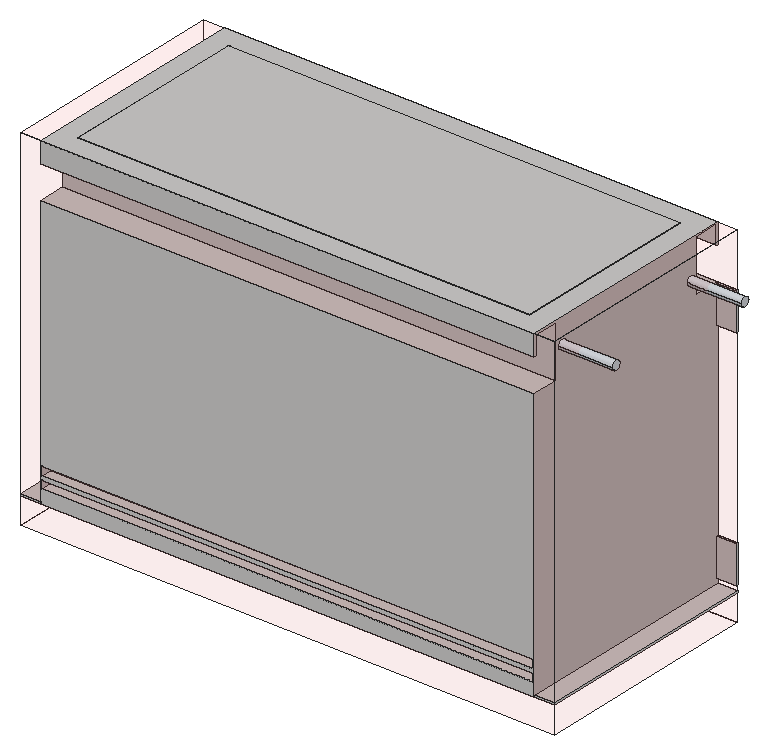
Revit family "Air-Curtain_Industrial_PoweredAire_HotWater", category Mechanical Equipment, host Face, Revit 2016
Family settings
  Host = Face
  Part Type = Normal
  Round Connector Dimension = Use Diameter
  OmniClass Number = 23.75.35.17.21
  OmniClass Title = Air Curtains
  Cut with Voids When Loaded = No
  Shared = No
  Room Calculation Point = No
Parameters
  upperrotation [instance] = if(Upper Pipe Connection Side A, 0.00°, 180.00°)  # 0.00°
  topbracket [instance] = and(Unit Height = 1' 4 3/4", Unit Depth = 1' 11 3/4")  # yes
  lowerrotation [instance] = if(Lower Pipe Connection Side A, 0.00°, 180.00°)  # 0.00°
  locateupperpipe [instance] = if(Upper Pipe Connection Side A, 0' 0", Nozzle Width)  # 0' - 0"
  locatelowerpipe [instance] = if(Lower Pipe Connection Side A, 0' 0", Nozzle Width)  # 0' - 0"
  Warranty Duration (Years) = 0
  Upper Pipe Connection Side A [instance] = yes
  Unit Width Notes = "Other Widths available."  # constant formula
  Unit Width = 3' - 3"
  Unit Weight = 0
  Unit Height = 1' - 4 3/4"
  Unit Depth = 1' - 11 3/4"
  URL = "http://www.poweredaire.com/"
  Test Data = ""
  Standards Conformance = "as Specified"
  Specification = "http://www.arcat.com/sdspecs/htm04/23_34_33pai.htm"
  SpecWizard = ""
  Sound Pressure = "as Specified"
  Sales Information = "http://www.poweredaire.com/contact_us"
  Revision = "R1_2016-08"
  Projection from Host [instance] = 0' - 2"
  Product Properties = ""
  Product Data = "http://www.arcat.com/arcatcos/cos47/arc47623.html"
  Power Rating = 0 W
  Piping_Water Flow [instance] = 0 GPM
  Piping_Operating Pressure [instance] = 0.00 psi
  Piping_Exit Temperature [instance] = 0 °F
  Piping_Entry Temperature [instance] = 0 °F
  Pipe OD [instance] = 5/8"
  Nozzle Width = if(1 = 1, Unit Width - 0' 3", 0' 0")  # 3' - 0"
  Mounting Width = if(1 = 1, Unit Width - 0' 1 1/2", 0' 0")  # 3' - 1 1/2"
  Mounting Height [instance] = 3' - 6"
  Motor RPM = 0
  Motor HP = 0
  Motor Count = 0
  Model = "As Specified"
  Max Height = 0' - 0"
  Manufacturer Website = "http://www.poweredaire.com/"
  Manufacturer Phone - Toll Free = "888-321-2473"
  Manufacturer Phone = "724-588-3305"
  Manufacturer Fax = "724-588-3371"
  Manufacturer Address = "109 Mortensen Rd.  Greenville, PA 16125"
  Manufacturer = "Powered Aire, Inc"
  Maintenance Schedule (Months) = 0
  Lower Pipe Connection Side A [instance] = yes
  Keynote = "23 34 33"
  Installation-Fabrication = ""
  Installation Phase = ""
  Include Clearance [instance] = yes
  Heating Element Load = 0 W
  HVAC_Temperature Rise = 0 °F
  HVAC_Outlet Volume = 0 CFM
  HVAC_Outlet Velocity Uniformity = 0
  HVAC_Outlet Velocity = 0 FPM
  HVAC_BTU Input = 0.0 Btu/h
  Green Building-LEED = "http://www.arcat.com/green/clients/leed_data_47623.html"
  Front Grating Material [instance] = Metal - Steel - PoweredAire - Stainless 304 Perforated
  Frame Finish [instance] = Metal - Steel - PoweredAire - Stainless 304
  Expected Lifespan (Years) = 0
  Electrical_Wattage [instance] = Power Rating + Heating Element Load  # 0 W
  Electrical_Voltage [instance] = 0 V
  Electrical_Phase [instance] = 1
  Electrical_Frequency [instance] = 0 Hz
  Electrical_Amperage [instance] = 0 A
  Drawn By = "Sumex Design, Inc. / Robert S. Weygant, CSI, CDT, SCIP"
  Description = "Powered Aire Air Curtain as Specified"
  Default Elevation = 0' - 0"  # constant formula
  Copyright = "©Arcat Inc."
  Construction Details = "http://www.arcat.com/details/powair/prod3336.html"
  Clearance_Top [instance] = 0' - 0"
  Clearance_Side B [instance] = 0' - 0"
  Clearance_Side A [instance] = 0' - 0"
  Clearance_Intake [instance] = 0' - 0"
  Clearance_Bottom [instance] = 0' - 0"
  Clearance Material [instance] = ARCAT Clearance
  Building Codes = ""
  Available Options [instance] = "as Specified"
  Assembly Code = "D3090400"
Reference planes (in)
  plane 1 "Center (Elevation)": y = 0.13818
  plane 2: z = 0
  plane 3 "Center (Left/Right)": x = 0
  plane 4: y = 8.51318
  plane 5: y = -8.23682
  plane 6: x = -19.5
  plane 7: x = 19.5
  plane 8: z = 25.75
  plane 9 "FF": y = -41.86182
  plane 10: z = 2
  plane 11: x = 18
  plane 12: x = -18
  plane 13: y = 8.51318
  plane 14: y = -8.23682
  plane 15: x = -19.5
  plane 16: x = 19.5
  plane 17: z = 25.75
  plane 18: x = 17.9375
  plane 19: x = -17.9375
  plane 20: x = 18
  plane 21: x = 18
  plane 22: y = 6.01318
  plane 23: y = -5.73682
Forms (in)
  Extrusion 1, solid, material "Metal - Steel - PoweredAire - Stainless 304" <- "Frame Finish"
    sketch origin (0, 0, 0) x (0, 1, 0) y (0, 0, 1)
      loop
        line (-8.23682, 2) -> (8.51318, 2) -> (8.51318, 21.8125) -> (6.51318, 21.8125) -> (6.51318, 25.625) -> (8.38818, 25.625) -> (8.38818, 24.25) -> (8.51318, 24.25) -> (8.51318, 25.75) -> (-8.23682, 25.75) -> (-8.23682, 24.25) -> (-8.11182, 24.25) -> (-8.11182, 25.625) -> (-6.23682, 25.625) -> (-6.23682, 21.8125) -> (-8.23682, 21.8125) -> (-8.23682, 2)
    from -18 to 18
  Extrusion 2, solid, material "ARCAT Clearance" <- "Clearance Material", visible <- "Include Clearance"
    sketch origin (0, 0, 0) x (0, 1, 0) y (0, 0, 1)
      loop
        line (-8.23682, 25.75) -> (-8.23682, 0) -> (8.51318, 0) -> (8.51318, 25.75) -> (-8.23682, 25.75)
    from -19.5 to 19.5
  Extrusion 3, solid, material "Metal - Steel - PoweredAire - Stainless 304" <- "Frame Finish"
    sketch origin (-15.17702, -180, 2) x (-1, 0, 0) y (0, -1, 0)
      loop
        line (-33.17702, -188.51318) -> (-33.17702, -171.76318) -> (-34.67702, -171.76318) -> (-34.67702, -188.51318) -> (-33.17702, -188.51318)
      loop
        line (2.82298, -188.51318) -> (4.32298, -188.51318) -> (4.32298, -171.76318) -> (2.82298, -171.76318) -> (2.82298, -188.51318)
    from 0 to 0.125
  Extrusion 4, solid, material "Metal - Steel - PoweredAire - Stainless 304" <- "Frame Finish", visible <- "topbracket"
    sketch origin (-11.83813, 8.51318, 48) x (-1, 0, 0) y (0, 0, 1)
      loop
        line (-29.83813, -45.5) -> (-29.83813, -42.75) -> (-31.33813, -42.75) -> (-31.33813, -45.5) -> (-29.83813, -45.5)
      loop
        line (-29.83813, -28.9375) -> (-29.83813, -26.1875) -> (-31.33813, -26.1875) -> (-31.33813, -28.9375) -> (-29.83813, -28.9375)
      loop
        line (6.16187, -45.5) -> (7.66187, -45.5) -> (7.66187, -42.75) -> (6.16187, -42.75) -> (6.16187, -45.5)
      loop
        line (6.16187, -28.9375) -> (7.66187, -28.9375) -> (7.66187, -26.1875) -> (6.16187, -26.1875) -> (6.16187, -28.9375)
    from 0 to -0.125
  Extrusion 5, void
    sketch origin (0, 0, 0) x (0, 1, 0) y (0, 0, 1)
      loop
        line (-8.23682, 3) -> (-7.23682, 3) -> (-7.23682, 4.5) -> (-8.23682, 4.5) -> (-8.23682, 3.82425) -> (-7.38364, 3.82425) -> (-7.38364, 3.57425) -> (-8.23682, 3.57425) -> (-8.23682, 3)
    from -17.9375 to 17.9375
  Extrusion 6, solid, material "Metal - Steel - PoweredAire - Stainless 304 Perforated" <- "Front Grating Material"
    sketch origin (0, -8.23682, 25.75) x (0, 1, 0) y (-1, 0, 0)
      loop
        line (15.25, 16.5) -> (1.5, 16.5) -> (1.5, -16.5) -> (15.25, -16.5) -> (15.25, 16.5)
    from 0 to 0.03125
  Sweep 7, solid
    path origin (18, 6.01318, 0) x (1, 0, 0) y (0, 1, 0)
      loop
        line (0, 0) -> (4, 0)
    profile origin (20, 6.01318, 0) x (0, 1, 0) y (0, 0, 1)
      loop
        circle (0, 23) r 0.3125
  Sweep 8, solid
    path origin (18, -5.73682, 0) x (1, 0, 0) y (0, 1, 0)
      loop
        line (0, 0) -> (4, 0)
    profile origin (20, -5.73682, 0) x (0, 1, 0) y (0, 0, 1)
      loop
        circle (0, 24) r 0.3125
Cuts and joins
  Extrusion 5 cuts Extrusion 1
Lines and regions (in)
  reference lines
    curve 1: line (18, 6.01318, 0) -> (22.75, 6.01318, 0)
    curve 2: line (18, -5.73682, 0) -> (23.75, -5.73682, 0)
Dimensions and locks (in)
  equal spacing: plane 4, plane 1 "Center (Elevation)", plane 5
  "Unit Height": plane 4 to plane 5
  equal spacing: plane 6, plane 3 "Center (Left/Right)", plane 7
  "Unit Width": plane 6 to plane 7
  "Mounting Height": plane 1 "Center (Elevation)" to plane 9 "FF"
  "Projection from Host": plane 10 to level
  "Unit Depth": plane 8 to plane 10
  locked: plane 6 to plane 12 at 1.5
  locked: plane 11 to plane 7 at 1.5
  "Clearance_Side A": plane 7 to plane 16
  "Clearance_Side B": plane 15 to plane 6
  "Clearance_Top": plane 13 to plane 4
  "Clearance_Bottom": plane 5 to plane 14
  "Clearance_Intake": plane 17 to plane 8
  plane 5 to Extrusion 1 sketch curve to Extrusion 1 sketch curve = 0' - 0 1/8" locked, 0' - 1 7/8" locked
  Extrusion 1 sketch curve to Extrusion 1 sketch curve to plane 4 = 0' - 1 7/8" locked, 0' - 0 1/8" locked
  Extrusion 4 sketch curve to Extrusion 4 sketch curve to Extrusion 4 sketch curve to Extrusion 4 sketch curve to plane 10 = 0' - 2 3/4" locked, 1' - 1 13/16" locked, 0' - 2 3/4" locked, 0' - 0 1/2" locked
  Extrusion 4 sketch curve to Extrusion 4 sketch curve to Extrusion 4 sketch curve to Extrusion 4 sketch curve = 0' - 2 3/4" locked, 1' - 1 13/16" locked, 0' - 2 3/4" locked
  locked: Extrusion 4 sketch curve to plane 10 at 0.5
  plane 8 to Extrusion 1 sketch curve to Extrusion 1 sketch curve = 0' - 0 1/8" locked, 0' - 1 3/8" locked  (x2)
  locked: Extrusion 1 sketch curve to plane 10 at 19.8125  (x2)
  Extrusion 5 sketch curve to Extrusion 5 sketch curve to Extrusion 5 sketch curve to Extrusion 5 sketch curve to plane 10 = 0' - 0.67575" locked, 0' - 0 1/4" locked, 0' - 0.57425" locked, 0' - 1" locked
  plane 5 to Extrusion 5 sketch curve to Extrusion 5 sketch curve = 0' - 0.85319" locked, 0' - 0.14681" locked
  locked: plane 19 to plane 12 at 0.0625
  locked: plane 11 to plane 18 at 0.0625
  locked: plane 4 to Extrusion 6 sketch curve at 1.5
  locked: Extrusion 6 sketch curve to plane 5 at 1.5
  locked: Extrusion 6 sketch curve to plane 11 at 1.5
  locked: plane 12 to Extrusion 6 sketch curve at 1.5
  "locateupperpipe": plane 20 to plane 11
  "locatelowerpipe": plane 21 to plane 11
  locked: plane 4 to plane 22 at 2.5
  locked: plane 23 to plane 5 at 2.5
  locked: curve 1 to Sweep 7 sketch curve at 4
  locked: curve 1 to Sweep 7 sketch curve
  locked: Sweep 7 sketch curve to plane 10 at 21
  locked: curve 2 to Sweep 8 sketch curve at 4
  locked: curve 2 to Sweep 8 sketch curve
  locked: Sweep 8 sketch curve to plane 10 at 22
  "upperrotation": angle plane 22 to curve 1
  "lowerrotation": angle plane 23 to curve 2
  aligned and locked: plane 2 to host face
  aligned and locked: level to host face
  aligned and locked: Extrusion 2 sketch curve to plane 17
  aligned and locked: plane 14 to Extrusion 2 sketch curve
  aligned and locked: level to Extrusion 2 sketch curve
  aligned and locked: Extrusion 2 sketch curve to plane 13
  aligned and locked: plane 16 to Extrusion 2
  aligned and locked: Extrusion 2 to plane 15
  aligned and locked: plane 11 to Extrusion 1
  aligned and locked: Extrusion 1 to plane 12
  aligned and locked: plane 21 to curve 2
  aligned and locked: plane 23 to curve 2
  aligned and locked: plane 22 to curve 1
  aligned and locked: plane 20 to curve 1
Automatic sketch dimensions
  host sketch curve to host sketch curve = 8' - 0"  (x2)
  Extrusion 1 sketch curve to plane 5 = 0' - 0"  (x2)
  Extrusion 1 sketch curve to plane 4 = 0' - 0"  (x2)
  Extrusion 1 sketch curve to plane 10 = 0' - 0"
  Extrusion 1 sketch curve to plane 8 = 0' - 0"
  plane 4 to Extrusion 3 sketch curve = 0' - 0"
  Extrusion 3 sketch curve to plane 7 = 0' - 0"
  plane 5 to Extrusion 3 sketch curve = 0' - 0"
  Extrusion 3 sketch curve to plane 11 = 0' - 0"
  Extrusion 3 sketch curve to plane 4 = 0' - 0"
  Extrusion 3 sketch curve to plane 12 = 0' - 0"
  Extrusion 3 sketch curve to plane 6 = 0' - 0"
  Extrusion 3 sketch curve to plane 5 = 0' - 0"
  Extrusion 4 sketch curve to plane 7 = 0' - 0"  (x2)
  Extrusion 4 sketch curve to plane 11 = 0' - 0"  (x2)
  Extrusion 4 sketch curve to plane 12 = 0' - 0"  (x2)
  Extrusion 4 sketch curve to plane 6 = 0' - 0"  (x2)
  Extrusion 5 sketch curve to plane 5 = 0' - 0"  (x2)
  Sweep 7 sketch curve to profile plane = 0' - 0"
  Sweep 8 sketch curve to profile plane = 0' - 0"
  radius of Sweep 7 sketch curve = 0' - 0 5/16"
  radius of Sweep 8 sketch curve = 0' - 0 5/16"
Connectors (in)
  piping at (22, 6.01318, 23), diameter 0.625, driven by "Pipe OD", driven by "Piping_Water Flow"
    settings: on Sweep 7, index 1, connector inside diameter 24", connector length 0' - 0", flow factor 0, pipe flow 0 GPM, pressure drop 0.00 psi, fitting loss kfactor 0, connector angle 0.00°, fixture units 0, engagement length 0' - 0", angle of deflection 0.00°, flow configuration 0, flow direction 0, fitting loss method 0, system type 29, joint type 0, gender type 0, connector reference index -1, connector utility 0, adjustable connector no, is connector primary yes, connector description "Define Supply or Return and Location"
  piping at (22, -5.73682, 24), diameter 0.625, driven by "Pipe OD", driven by "Piping_Water Flow"
    settings: on Sweep 8, index 2, connector inside diameter 24", connector length 0' - 0", flow factor 0, pipe flow 0 GPM, pressure drop 0.00 psi, fitting loss kfactor 0, connector angle 0.00°, fixture units 0, engagement length 0' - 0", angle of deflection 0.00°, flow configuration 0, flow direction 0, fitting loss method 0, system type 29, joint type 0, gender type 0, connector reference index -1, connector utility 0, adjustable connector no, is connector primary no, connector description "Define Supply or Return and Location"
  electrical at (-18, 0.13818, 21.39062), driven by "Electrical_Voltage", driven by "Electrical_Phase"
    settings: on cut or joined group of Extrusion 1, Extrusion 5, index 3, voltage 0 V, apparent load 0 VA, apparent load phase1 0 VA, apparent load phase2 0 VA, apparent load phase3 0 VA, power factor 1, load classification "Motor", number of poles 1, system type 31, power factor state 1, is connector primary yes, connector utility no, sub classification motor no, connector description ""
